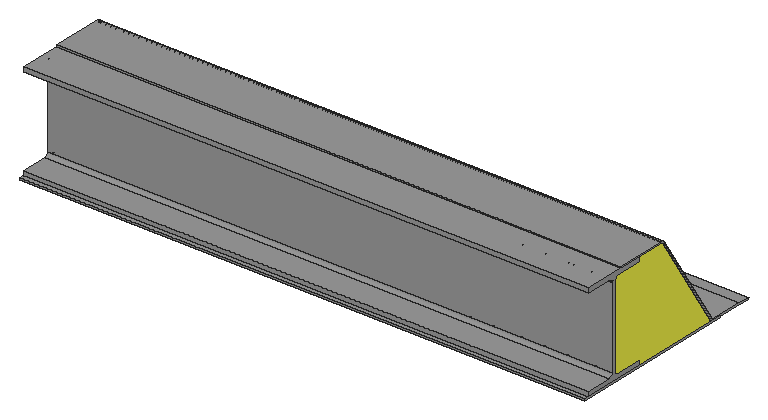
Revit family "XK 130 215 WIL", category Generic Models, Revit 2014
Parameters (values of type "Max lintel length 6600mm")
  URL = "http://www.keystonelintels.co.uk"
  Structural Opening [instance] = 900 mm
  Structural Performance = "The Keystone lintel range has safe working loads as detailed in each applicable loading table in the Keystone Lintel Guide brochure. The structural performance figures within each table have been ascertained by testing in accordance with the requirements of standards BS EN 5977-2: 1983 and BS EN 845-2: 2003."
  RIBA Productor Selector = "available for Keystone Lintels Ltd from Keystone Lintels Ltd from ribaproductselector.com"
  Model = "X/K 130 215 WIL"
  Min Length = 600 mm
  Min Clear Span = 300 mm
  Max Length = 6600 mm
  Max Clear Span = 6600 mm
  Material - Stainless Steel = "Grade 304 2b 1.4307 to BS EN 10088-2. Other grades available on request: contact manufacturer."
  Material - Galvanised Steel = "To BS EN 10346: 2009. DX51D plus Z600 or grade Z275 to BS 5977-2: 1983 (BS EN 845-2: 2003)."
  Manufacturer = "Keystone"
  Manufactured Length [instance] = (roundup(Effective Length / 150 mm) * 150 mm)  # 1200 mm
  Lintel height [instance] = 2100 mm
  Keynote = "F30/755"
  Fire Performance = "Keystone lintels have been subjected to a fire test (WARRES No. 101263) in accordance with BS 476-20: 1987, at Exova Warrington Fire and achieved a one hour fire performance."
  End Bearing = 150 mm
  Effective Length [instance] = Clear Opening with MIN MAX set + End Bearing * 2  # 1200 mm
  Corrosion = "Keystone’s standard range of lintels are manufactured from high quality grade pre-galvanized carbon steel with a zinc coating of 600"
  Contact Tel = "+44 (0)28 8676 2184"
  Contact Email = "info@keystonelintels.co.uk"
  Clear Opening with MIN MAX set [instance] = if(Structural Opening < Min Clear Span, Min Clear Span, (if(Structural Opening > Max Clear Span, Max Clear Span, Structural Opening)))  # 900 mm
  CPD Information = "Available for Keystone Lintels Ltd from ribacpd.com"
Reference planes
  plane 1 "Center (Front/Back)": y = 0
  plane 2: z = 0
  plane 3 "Center (Left/Right)": x = 0
  plane 4: x = -600
  plane 5: x = 600
  plane 6: z = 2100
  plane 7: x = -450
  plane 8: x = 450
Forms (mm)
  Extrusion 1, solid, material "Steel"
    sketch origin (0, 790.327, -506.841) x (0, 1, 0) y (0, 0, 1)
      loop
        line (-524.785, 2606.841) -> (-499.8, 2605.979) -> (-499.745, 2609.179) -> (-524.73, 2610.041) -> (-595.382, 2610.041)
        arc (-595.382, 2610.041) -> (-596.252, 2610.266) -> (-596.905, 2610.883) r 1.8
        line (-596.905, 2610.883) -> (-724.883, 2814.409)
        arc (-724.883, 2814.409) -> (-726.771, 2816.193) -> (-729.285, 2816.841) r 5.2
        line (-729.285, 2816.841) -> (-837.23, 2816.841) -> (-837.23, 2813.641) -> (-729.285, 2813.641)
        arc (-729.285, 2813.641) -> (-728.318, 2813.392) -> (-727.592, 2812.706) r 2
        line (-727.592, 2812.706) -> (-599.614, 2609.18)
        arc (-599.614, 2609.18) -> (-597.8, 2607.465) -> (-595.382, 2606.841) r 5
        line (-595.382, 2606.841) -> (-524.785, 2606.841)
    from -600 to 600
  Extrusion 2, solid, material "Steel"
    sketch origin (0, 790.327, -506.841) x (0, 1, 0) y (0, 0, 1)
      loop
        line (-790.327, 2606.841) -> (-790.327, 2616.441) -> (-846.477, 2616.441)
        arc (-846.477, 2616.441) -> (-851.851, 2618.667) -> (-854.077, 2624.041) r 7.6
        line (-854.077, 2624.041) -> (-854.077, 2796.441)
        arc (-854.077, 2796.441) -> (-851.851, 2801.815) -> (-846.477, 2804.041) r 7.6
        line (-846.477, 2804.041) -> (-790.327, 2804.041) -> (-790.327, 2813.641) -> (-924.227, 2813.641) -> (-924.227, 2804.041) -> (-868.077, 2804.041)
        arc (-868.077, 2804.041) -> (-862.703, 2801.815) -> (-860.477, 2796.441) r 7.6
        line (-860.477, 2796.441) -> (-860.477, 2624.041)
        arc (-860.477, 2624.041) -> (-862.703, 2618.667) -> (-868.077, 2616.441) r 7.6
        line (-868.077, 2616.441) -> (-924.227, 2616.441) -> (-924.227, 2606.841) -> (-790.327, 2606.841)
    from -600 to 600
  Extrusion 3, solid, material "Steel"
    sketch origin (0, 790.327, -506.841) x (0, 1, 0) y (0, 0, 1)
      loop
        line (-934.227, 2603.641) -> (-575.227, 2603.641) -> (-575.227, 2606.841) -> (-934.227, 2606.841) -> (-934.227, 2603.641)
    from -600 to 600
  Extrusion 4, solid, material "Insulation"
    sketch origin (0, 790.327, -506.841) x (0, 1, 0) y (0, 0, 1)
      loop
        arc (-595.382, 2606.841) -> (-597.8, 2607.465) -> (-599.614, 2609.18) r 5
        line (-599.614, 2609.18) -> (-727.592, 2812.706)
        arc (-727.592, 2812.706) -> (-728.318, 2813.392) -> (-729.285, 2813.641) r 2
        line (-729.285, 2813.641) -> (-790.327, 2813.641) -> (-790.327, 2804.041) -> (-846.477, 2804.041)
        arc (-846.477, 2804.041) -> (-851.851, 2801.815) -> (-854.077, 2796.441) r 7.6
        line (-854.077, 2796.441) -> (-854.077, 2624.041)
        arc (-854.077, 2624.041) -> (-851.851, 2618.667) -> (-846.477, 2616.441) r 7.6
        line (-846.477, 2616.441) -> (-790.327, 2616.441) -> (-790.327, 2606.841) -> (-595.382, 2606.841)
    from -600 to 600
  Extrusion 5, solid, not visible
    sketch origin (0, 943.085, 1198.385) x (0, 1, 0) y (0, 0, 1)
      loop
        line (-524.785, 1006.841) -> (-499.8, 1005.979) -> (-499.745, 1009.179) -> (-524.73, 1010.041) -> (-595.382, 1010.041)
        arc (-595.382, 1010.041) -> (-596.252, 1010.266) -> (-596.905, 1010.883) r 1.8
        line (-596.905, 1010.883) -> (-724.883, 1214.409)
        arc (-724.883, 1214.409) -> (-726.771, 1216.193) -> (-729.285, 1216.841) r 5.2
        line (-729.285, 1216.841) -> (-837.23, 1216.841) -> (-837.23, 1213.641) -> (-729.285, 1213.641)
        arc (-729.285, 1213.641) -> (-728.318, 1213.392) -> (-727.592, 1212.706) r 2
        line (-727.592, 1212.706) -> (-599.614, 1009.18)
        arc (-599.614, 1009.18) -> (-597.8, 1007.465) -> (-595.382, 1006.841) r 5
        line (-595.382, 1006.841) -> (-524.785, 1006.841)
    from 0 to 250
  Extrusion 6, solid, not visible
    sketch origin (0, 608.919, 1261.939) x (0, 1, 0) y (0, 0, 1)
      loop
        line (-790.327, 1006.841) -> (-790.327, 1016.441) -> (-846.477, 1016.441)
        arc (-846.477, 1016.441) -> (-851.851, 1018.667) -> (-854.077, 1024.041) r 7.6
        line (-854.077, 1024.041) -> (-854.077, 1196.441)
        arc (-854.077, 1196.441) -> (-851.851, 1201.815) -> (-846.477, 1204.041) r 7.6
        line (-846.477, 1204.041) -> (-790.327, 1204.041) -> (-790.327, 1213.641) -> (-924.227, 1213.641) -> (-924.227, 1204.041) -> (-868.077, 1204.041)
        arc (-868.077, 1204.041) -> (-862.703, 1201.815) -> (-860.477, 1196.441) r 7.6
        line (-860.477, 1196.441) -> (-860.477, 1024.041)
        arc (-860.477, 1024.041) -> (-862.703, 1018.667) -> (-868.077, 1016.441) r 7.6
        line (-868.077, 1016.441) -> (-924.227, 1016.441) -> (-924.227, 1006.841) -> (-790.327, 1006.841)
    from 0 to 250
  Extrusion 7, solid, not visible
    sketch origin (0, 1099.24, 1079.775) x (0, 1, 0) y (0, 0, 1)
      loop
        line (-934.227, 1003.641) -> (-575.227, 1003.641) -> (-575.227, 1006.841) -> (-934.227, 1006.841) -> (-934.227, 1003.641)
    from 0 to 250
  Extrusion 8, solid, not visible
    sketch origin (0, 447.61, 807.867) x (0, 1, 0) y (0, 0, 1)
      loop
        arc (-595.382, 1006.841) -> (-597.8, 1007.465) -> (-599.614, 1009.18) r 5
        line (-599.614, 1009.18) -> (-727.592, 1212.706)
        arc (-727.592, 1212.706) -> (-728.318, 1213.392) -> (-729.285, 1213.641) r 2
        line (-729.285, 1213.641) -> (-790.327, 1213.641) -> (-790.327, 1204.041) -> (-846.477, 1204.041)
        arc (-846.477, 1204.041) -> (-851.851, 1201.815) -> (-854.077, 1196.441) r 7.6
        line (-854.077, 1196.441) -> (-854.077, 1024.041)
        arc (-854.077, 1024.041) -> (-851.851, 1018.667) -> (-846.477, 1016.441) r 7.6
        line (-846.477, 1016.441) -> (-790.327, 1016.441) -> (-790.327, 1006.841) -> (-595.382, 1006.841)
    from 0 to 250
Dimensions and locks
  equal spacing: plane 4, plane 3 "Center (Left/Right)", plane 5
  "Manufactured Length": plane 4 to plane 5
  "Lintel height": plane 6 to level
  "Structural Opening": plane 7 to plane 8
  equal spacing: plane 7, plane 3 "Center (Left/Right)", plane 8
  aligned and locked: level to plane 2
  aligned and locked: Extrusion 2 to plane 6
  aligned and locked: Extrusion 4 to plane 6
  aligned and locked: Extrusion 1 to plane 6
  aligned and locked: plane 6 to Extrusion 3
  aligned and locked: plane 5 to Extrusion 2
  aligned and locked: Extrusion 2 to plane 4
  aligned and locked: plane 5 to Extrusion 1
  aligned and locked: Extrusion 1 to plane 4
  aligned and locked: plane 5 to Extrusion 4
  aligned and locked: Extrusion 4 to plane 4
  aligned and locked: plane 5 to Extrusion 3
  aligned and locked: Extrusion 3 to plane 4
Automatic sketch dimensions
  Extrusion 1 sketch curve to Extrusion 1 sketch curve = 70.596 mm
  Extrusion 1 sketch curve to Extrusion 1 sketch curve = 24.985 mm
  Extrusion 1 sketch curve to Extrusion 1 sketch curve = 0.862 mm
  Extrusion 1 sketch curve to Extrusion 1 sketch curve = 0.055 mm  (x2)
  Extrusion 1 sketch curve to Extrusion 1 sketch curve = 3.2 mm  (x2)
  Extrusion 1 sketch curve to Extrusion 1 sketch curve = 0 mm  (x8)
  Extrusion 1 sketch curve to Extrusion 1 sketch curve = 1.8 mm
  Extrusion 1 sketch curve to Extrusion 1 sketch curve = 4.233 mm
  Extrusion 1 sketch curve to Extrusion 1 sketch curve = 1.524 mm
  Extrusion 1 sketch curve to Extrusion 1 sketch curve = 127.978 mm
  Extrusion 1 sketch curve to Extrusion 1 sketch curve = 203.526 mm
  Extrusion 1 sketch curve to Extrusion 1 sketch curve = 2.709 mm
  Extrusion 1 sketch curve to Extrusion 1 sketch curve = 1.703 mm
  Extrusion 1 sketch curve to Extrusion 1 sketch curve = 1.693 mm
  Extrusion 1 sketch curve to Extrusion 1 sketch curve = 1.065 mm
  Extrusion 1 sketch curve to Extrusion 1 sketch curve = 107.945 mm
  Extrusion 2 sketch curve to Extrusion 2 sketch curve = 133.9 mm
  Extrusion 2 sketch curve to Extrusion 2 sketch curve = 9.6 mm  (x2)
  Extrusion 2 sketch curve to Extrusion 2 sketch curve = 56.15 mm  (x2)
  Extrusion 2 sketch curve to Extrusion 2 sketch curve = 7.6 mm  (x5)
  Extrusion 2 sketch curve to Extrusion 2 sketch curve = 14 mm
  Extrusion 2 sketch curve to Extrusion 2 sketch curve = 172.4 mm
  Extrusion 2 sketch curve to Extrusion 2 sketch curve = 0 mm
  Extrusion 2 sketch curve to Extrusion 2 sketch curve = 63.75 mm
  Extrusion 3 sketch curve to Extrusion 3 sketch curve = 359 mm
  Extrusion 3 sketch curve to Extrusion 3 sketch curve = 3.2 mm
  Extrusion 4 sketch curve to Extrusion 4 sketch curve = 7.6 mm  (x2)
  Extrusion 4 sketch curve to Extrusion 4 sketch curve = 56.15 mm  (x2)
  Extrusion 4 sketch curve to Extrusion 4 sketch curve = 190.713 mm
  Extrusion 4 sketch curve to Extrusion 4 sketch curve = 4.233 mm
  Extrusion 4 sketch curve to Extrusion 4 sketch curve = 2.662 mm
  Extrusion 4 sketch curve to Extrusion 4 sketch curve = 172.4 mm
  Extrusion 4 sketch curve to Extrusion 4 sketch curve = 0 mm
  Extrusion 4 sketch curve to Extrusion 4 sketch curve = 118.885 mm
  Extrusion 4 sketch curve to Extrusion 4 sketch curve = 8.665 mm
  Extrusion 4 sketch curve to Extrusion 4 sketch curve = 1.693 mm
  Extrusion 4 sketch curve to Extrusion 4 sketch curve = 1.065 mm
  Extrusion 4 sketch curve to Extrusion 4 sketch curve = 9.6 mm
  Extrusion 4 sketch curve to Extrusion 4 sketch curve = 2.338 mm
  Extrusion 5 sketch curve to Extrusion 5 sketch curve = 70.596 mm
  Extrusion 5 sketch curve to Extrusion 5 sketch curve = 24.985 mm
  Extrusion 5 sketch curve to Extrusion 5 sketch curve = 0.862 mm
  Extrusion 5 sketch curve to Extrusion 5 sketch curve = 0.055 mm  (x2)
  Extrusion 5 sketch curve to Extrusion 5 sketch curve = 3.2 mm  (x2)
  Extrusion 5 sketch curve to Extrusion 5 sketch curve = 0 mm  (x8)
  Extrusion 5 sketch curve to Extrusion 5 sketch curve = 1.8 mm
  Extrusion 5 sketch curve to Extrusion 5 sketch curve = 4.233 mm
  Extrusion 5 sketch curve to Extrusion 5 sketch curve = 1.524 mm
  Extrusion 5 sketch curve to Extrusion 5 sketch curve = 127.978 mm
  Extrusion 5 sketch curve to Extrusion 5 sketch curve = 203.526 mm
  Extrusion 5 sketch curve to Extrusion 5 sketch curve = 2.709 mm
  Extrusion 5 sketch curve to Extrusion 5 sketch curve = 1.703 mm
  Extrusion 5 sketch curve to Extrusion 5 sketch curve = 1.693 mm
  Extrusion 5 sketch curve to Extrusion 5 sketch curve = 1.065 mm
  Extrusion 5 sketch curve to Extrusion 5 sketch curve = 107.945 mm
  Extrusion 6 sketch curve to Extrusion 6 sketch curve = 133.9 mm
  Extrusion 6 sketch curve to Extrusion 6 sketch curve = 9.6 mm  (x2)
  Extrusion 6 sketch curve to Extrusion 6 sketch curve = 56.15 mm  (x2)
  Extrusion 6 sketch curve to Extrusion 6 sketch curve = 7.6 mm  (x5)
  Extrusion 6 sketch curve to Extrusion 6 sketch curve = 14 mm
  Extrusion 6 sketch curve to Extrusion 6 sketch curve = 172.4 mm
  Extrusion 6 sketch curve to Extrusion 6 sketch curve = 0 mm
  Extrusion 6 sketch curve to Extrusion 6 sketch curve = 63.75 mm
  Extrusion 7 sketch curve to Extrusion 7 sketch curve = 359 mm
  Extrusion 7 sketch curve to Extrusion 7 sketch curve = 3.2 mm
  Extrusion 8 sketch curve to Extrusion 8 sketch curve = 7.6 mm  (x2)
  Extrusion 8 sketch curve to Extrusion 8 sketch curve = 56.15 mm  (x2)
  Extrusion 8 sketch curve to Extrusion 8 sketch curve = 190.713 mm
  Extrusion 8 sketch curve to Extrusion 8 sketch curve = 4.233 mm
  Extrusion 8 sketch curve to Extrusion 8 sketch curve = 2.662 mm
  Extrusion 8 sketch curve to Extrusion 8 sketch curve = 172.4 mm
  Extrusion 8 sketch curve to Extrusion 8 sketch curve = 0 mm
  Extrusion 8 sketch curve to Extrusion 8 sketch curve = 118.885 mm
  Extrusion 8 sketch curve to Extrusion 8 sketch curve = 8.665 mm
  Extrusion 8 sketch curve to Extrusion 8 sketch curve = 1.693 mm
  Extrusion 8 sketch curve to Extrusion 8 sketch curve = 1.065 mm
  Extrusion 8 sketch curve to Extrusion 8 sketch curve = 9.6 mm
  Extrusion 8 sketch curve to Extrusion 8 sketch curve = 2.338 mm
  Extrusion 4 sketch curve to plane 1 "Center (Front/Back)" = 0 mm
  Extrusion 4 sketch curve to plane 6 = 0 mm
  Extrusion 3 sketch curve to plane 6 = 0 mm
  plane 1 "Center (Front/Back)" to Extrusion 3 sketch curve = 143.9 mm
  Extrusion 2 sketch curve to plane 6 = 0 mm
  Extrusion 2 sketch curve to plane 1 "Center (Front/Back)" = 0 mm
  Extrusion 1 sketch curve to plane 6 = 0 mm
  plane 1 "Center (Front/Back)" to Extrusion 1 sketch curve = 46.903 mm
